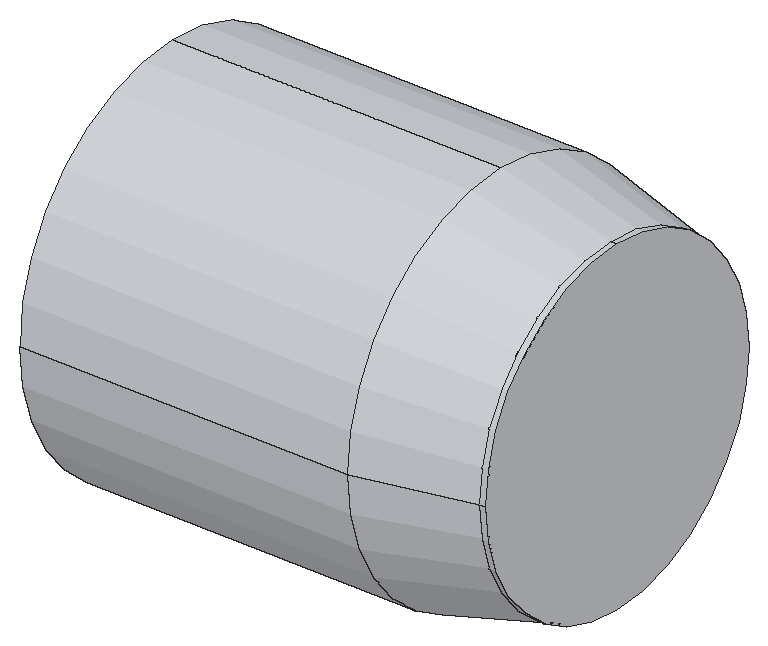
Revit family "M_Round Takeoff - Conical", category Duct Fittings, Revit 2014
Parameters (values of type "Standard")
  built-in parameter 1114214 [instance] = 304.8 mm
  built-in parameter 1114213 [instance] = 101.6 mm
  built-in parameter 1114215 [instance] = if(Duct Diameter > 406.4 mm, Duct Diameter * 0.25, 101.6 mm)  # 0.33333 (stored number, unit not read)
  Duct Radius [instance] = 152.4 mm
  R Cone Base [instance] = Duct Diameter / 2 + 25.4 mm  # 177.8 mm
  Duct Diameter [instance] = Duct Radius * 2  # 304.8 mm
  Assembly Code = ""
Reference planes
  plane 1 "Center (Front/Back)": y = 0
  plane 2: z = 0
  plane 3 "Center (Left/Right)": x = 0
  plane 4: x = -304.8
  plane 5: x = 101.6
  plane 6: x = 107.95
Forms (mm)
  Sweep 1, solid, detail levels medium+fine
    path in 3D
      loop
        line (-304.8, 0, 0) -> (0, 0, 0)
    profile "M_Duct - Round : Duct - Round Cone Base" origin (-152.4, 0, 0) x (0, 1, 0) y (0, 0, 1)
      loop
        arc (-177.8, 0) -> (-125.724, -125.724) -> (0, -177.8) r 177.8
        arc (0, -177.8) -> (125.724, -125.724) -> (177.8, 0) r 177.8
        arc (177.8, 0) -> (125.724, 125.724) -> (0, 177.8) r 177.8
        arc (0, 177.8) -> (-125.724, 125.724) -> (-177.8, 0) r 177.8
  Blend 2, solid, detail levels medium+fine
    base sketch origin (0, 0, 0) x (0, 1, 0) y (0, 0, 1)
      loop
        circle (0, 0) r 177.8
    top sketch origin (0, 0, 0) x (0, 1, 0) y (0, 0, 1)
      loop
        circle (0, 0) r 152.4
    from 0 to 101.6
  Sweep 3, solid, detail levels medium+fine
    path in 3D
      loop
        line (101.6, 0, 0) -> (107.95, 0, 0)
    profile "M_Duct - Round : Duct - Round" origin (104.775, 0, 0) x (0, 1, 0) y (0, 0, 1)
      loop
        arc (-152.4, 0) -> (-107.763, -107.763) -> (0, -152.4) r 152.4
        arc (0, -152.4) -> (107.763, -107.763) -> (152.4, 0) r 152.4
        arc (152.4, 0) -> (107.763, 107.763) -> (0, 152.4) r 152.4
        arc (0, 152.4) -> (-107.763, 107.763) -> (-152.4, 0) r 152.4
Cuts and joins
  joined: Sweep 1, Blend 2, Sweep 3
Lines and regions (mm)
  reference lines
    curve 1: line (-304.8, 0, 0) -> (0, 0, 0)
    curve 4: line (101.6, 0, 0) -> (107.95, 0, 0)
  sketch lines
    curve 2: line (-304.8, 0, 0) -> (0, 0, 0)
    curve 6: line (101.6, 0, 0) -> (107.95, 0, 0)
  model lines, style "DuctFitting", not visible, detail levels coarse
    curve 3: line (0, 0, 0) -> (101.6, 0, 0)
  model lines, style "DuctFitting", not visible
    curve 5: line (101.6, 0, 0) -> (107.95, 0, 0)
Dimensions and locks
  "built-in parameter 1114214": plane 4 to plane 3 "Center (Left/Right)"
  "built-in parameter 1114213": plane 3 "Center (Left/Right)" to plane 5
  locked: plane 5 to plane 6 at 6.35
  "R Cone Base": radius of Blend 2 sketch curve
  "Duct Radius": radius of Blend 2 sketch curve
  aligned and locked: plane 4 to curve 1
  aligned and locked: plane 1 "Center (Front/Back)" to curve 1
  aligned and locked: plane 1 "Center (Front/Back)" to Blend 2 sketch curve  (x2)
  aligned and locked: plane 2 to Blend 2 sketch curve  (x2)
  aligned and locked: plane 3 "Center (Left/Right)" to curve 3
  aligned and locked: plane 5 to curve 3
  aligned and locked: plane 1 "Center (Front/Back)" to curve 3
  aligned and locked: plane 6 to curve 4
  aligned and locked: plane 5 to curve 4
  aligned and locked: plane 1 "Center (Front/Back)" to curve 4
  aligned and locked: curve 5 to curve 4
  aligned and locked: plane 5 to Blend 2
  aligned and locked: Blend 2 to plane 3 "Center (Left/Right)"
Automatic sketch dimensions
  curve 1 to plane 3 "Center (Left/Right)" = 0 mm
  curve 5 to plane 6 = 0 mm
Connectors
  hvac at (0, 0, 0), driven by "Duct Radius"
    settings: on Sweep 1, index 1, duct flow 0.0 L/s, flow factor 0, pres drop 0.0 Pa, loss coef 0, conn angle 0.00°, conn width 304.8 mm, conn height 304.8 mm, conn diameter 304.8 mm, duct sys type 28, conn prof type 0, flow config 0, flow direction 0, loss method 0, conn ref index 2, conn util no, is conn primary yes, conn desc ""
  hvac at (107.95, 0, 0), driven by "Duct Radius"
    settings: on Sweep 3, index 2, duct flow 0.0 L/s, flow factor 0, pres drop 0.0 Pa, loss coef 0, conn angle 0.00°, conn width 304.8 mm, conn height 304.8 mm, conn diameter 304.8 mm, duct sys type 28, conn prof type 0, flow config 0, flow direction 0, loss method 0, conn ref index 1, conn util no, is conn primary no, conn desc ""
